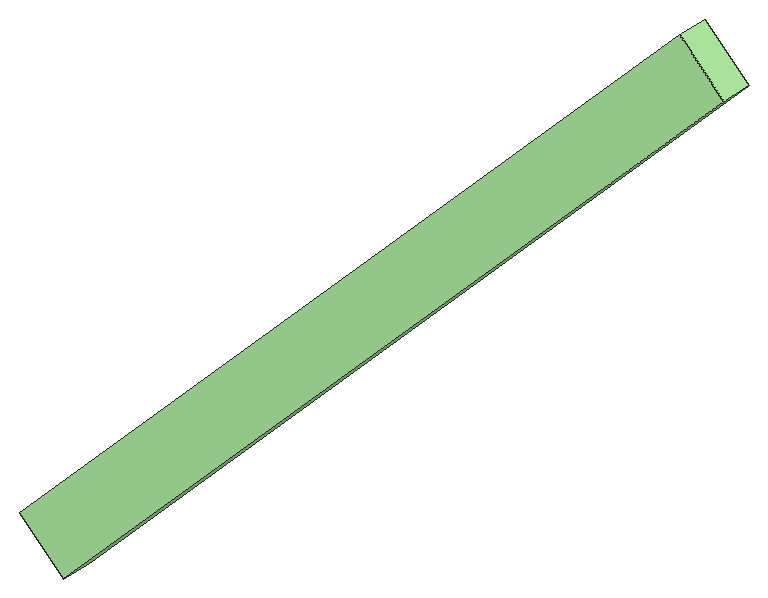
Revit family "ダクトサポート_H形鋼", category Generic Models, Revit 2023
Family settings
  Can host rebar = No
  Round Connector Dimension = Use Diameter
  Part Type = Normal
  Work Plane-Based = Yes
  Always vertical = No
  Cut with Voids When Loaded = No
  Maintain Annotation Orientation = No
  Shared = No
  Room Calculation Point = No
Parameters (values of type "Ｈ 100 x 50")
  高さ = 100 mm
  長辺 [instance] = 長さ  # 1500 mm
  長さ [instance] = 1500 mm
  部屋名 = ""
  角度 [instance] = 45.00°
  Default Elevation = 1219.2 mm
  構造マテリアル = E202_ダクトサポート
  幅 = 50 mm
Types (33, lengths in mm): name | 高さ | 長辺 | 長さ | 角度 | 幅
  Ｈ 900 x 300 | 900 | 1000 | 1000 | 45.00° | 300
  Ｈ 800 x 300 | 800 | 1000 | 1000 | 45.00° | 300
  Ｈ 700 x 300 | 700 | 1000 | 1000 | 45.00° | 300
  Ｈ 588 x 300 | 588 | 1000 | 1000 | 45.00° | 300
  Ｈ 600 x 200 | 600 | 1000 | 1000 | 45.00° | 200
  Ｈ 488 x 300 | 488 | 1000 | 1000 | 45.00° | 300
  Ｈ 500 x 200 | 500 | 1000 | 1000 | 45.00° | 200
  Ｈ 440 x 300 | 440 | 1000 | 1000 | 45.00° | 300
  Ｈ 450 x 200 | 450 | 1000 | 1000 | 90.00° | 200
  Ｈ 400 x 400 | 400 | 1000 | 1000 | 45.00° | 400
  Ｈ 390 x 300 | 390 | 1000 | 1000 | 45.00° | 300
  Ｈ 400 x 200 | 400 | 1000 | 1000 | 45.00° | 200
  Ｈ 350 x 350 | 350 | 1000 | 1000 | 45.00° | 350
  Ｈ 340 x 250 | 340 | 1000 | 1000 | 45.00° | 250
  Ｈ 294 x 200 | 294 | 1000 | 1000 | 45.00° | 200
  Ｈ 244 x 175 | 244 | 1000 | 1000 | 45.00° | 175
  Ｈ 350 x 175 | 350 | 1000 | 1000 | 45.00° | 175
  Ｈ 300 x 300 | 300 | 1000 | 1000 | 45.00° | 300
  Ｈ 300 x 150 | 300 | 1000 | 1000 | 45.00° | 150
  Ｈ 250 x 250 | 250 | 1000 | 1000 | 45.00° | 250
  Ｈ 250 x 125 | 250 | 1000 | 1000 | 45.00° | 125
  Ｈ 200 x 200 | 200 | 1000 | 1000 | 45.00° | 200
  Ｈ 194 x 150 | 194 | 1000 | 1000 | 45.00° | 150
  Ｈ 200 x 100 | 200 | 1000 | 1000 | 45.00° | 100
  Ｈ 175 x 175 | 175 | 1000 | 1000 | 45.00° | 175
  Ｈ 175 x 90 | 175 | 1000 | 1000 | 45.00° | 90
  Ｈ 150 x 150 | 150 | 500 | 500 | 45.00° | 150
  Ｈ 148 x 100 | 148 | 1000 | 1000 | 45.00° | 100
  Ｈ 150 x 75 | 150 | 1000 | 1000 | 45.00° | 75
  Ｈ 125 x 125 | 125 | 500 | 500 | 45.00° | 125
  Ｈ 125 x 60 | 125 | 1000 | 1000 | 45.00° | 60
  Ｈ 100 x100 | 100 | 500 | 500 | 45.00° | 100
  Ｈ 100 x 50 | 100 | 1500 | 1500 | 45.00° | 50
Reference planes
  plane 1 "中心(正面/背面)": y = 0
  plane 2: z = 0
  plane 3 "中心(左/右)": x = 0
Lines and regions (mm)
  reference lines
    curve 1: line (0, 0, 0) -> (777.817, 0, 777.817)
    curve 2: line (35.355, 0, -35.355) -> (-35.355, 0, 35.355)
    curve 3: line (1096.016, 0, 1025.305) -> (1025.305, 0, 1096.016)
Dimensions and locks
  equal spacing: curve 2, curve 1, curve 2
  "高さ": curve 2 to curve 2
  equal spacing: curve 3, curve 1, curve 3
  "高さ": curve 3 to curve 3
  "長さ": curve 3 to curve 2
  "角度": angle level to curve 1
  angle curve 2 to curve 1 = 90.00°
  angle curve 3 to curve 1 = 90.00°
  aligned and locked: level to plane 2
  aligned and locked: level to curve 1
  aligned and locked: plane 3 "中心(左/右)" to curve 1
  aligned and locked: nested 1 to curve 1
Nested families
  nested 1: "グレーチング_H形鋼 1" at (-35.355, 0, 35.355) x (0, 1, 0) z (0.7071, 0, -0.7071), 長さ <- "長さ", type "Ｈ 100 x 50"
    with 長辺 1500 mm, 長さ 1500 mm
Definition of nested family "グレーチング_H形鋼 1"
  Parameters (values of type "Ｈ 150 x 150")
    高さ = 150 mm
    長辺 [instance] = 長さ  # 500 mm
    長さ [instance] = 500 mm
    部屋名 = ""
    Default Elevation = 1219.2 mm
    構造マテリアル = none
    幅 = 150 mm
  Types (33, lengths in mm): name | 高さ | 長辺 | 長さ | 幅
    Ｈ 900 x 300 | 900 | 1000 | 1000 | 300
    Ｈ 800 x 300 | 800 | 1000 | 1000 | 300
    Ｈ 700 x 300 | 700 | 1000 | 1000 | 300
    Ｈ 588 x 300 | 588 | 1000 | 1000 | 300
    Ｈ 600 x 200 | 600 | 1000 | 1000 | 200
    Ｈ 488 x 300 | 488 | 1000 | 1000 | 300
    Ｈ 500 x 200 | 500 | 1000 | 1000 | 200
    Ｈ 440 x 300 | 440 | 1000 | 1000 | 300
    Ｈ 450 x 200 | 450 | 1000 | 1000 | 200
    Ｈ 400 x 400 | 400 | 1000 | 1000 | 400
    Ｈ 390 x 300 | 390 | 1000 | 1000 | 300
    Ｈ 400 x 200 | 400 | 1000 | 1000 | 200
    Ｈ 350 x 350 | 350 | 1000 | 1000 | 350
    Ｈ 340 x 250 | 340 | 1000 | 1000 | 250
    Ｈ 294 x 200 | 294 | 1000 | 1000 | 200
    Ｈ 244 x 175 | 244 | 1000 | 1000 | 175
    Ｈ 350 x 175 | 350 | 1000 | 1000 | 175
    Ｈ 300 x 300 | 300 | 1000 | 1000 | 300
    Ｈ 300 x 150 | 300 | 500 | 500 | 150
    Ｈ 250 x 250 | 250 | 500 | 500 | 250
    Ｈ 250 x 125 | 250 | 500 | 500 | 125
    Ｈ 200 x 200 | 200 | 500 | 500 | 200
    Ｈ 194 x 150 | 194 | 500 | 500 | 150
    Ｈ 200 x 100 | 200 | 500 | 500 | 100
    Ｈ 175 x 175 | 175 | 500 | 500 | 175
    Ｈ 175 x 90 | 175 | 500 | 500 | 90
    Ｈ 150 x 150 | 150 | 500 | 500 | 150
    Ｈ 148 x 100 | 148 | 500 | 500 | 100
    Ｈ 150 x 75 | 150 | 500 | 500 | 75
    Ｈ 125 x 125 | 125 | 500 | 500 | 125
    Ｈ 125 x 60 | 125 | 500 | 500 | 60
    Ｈ 100 x100 | 100 | 500 | 500 | 100
    Ｈ 100 x 50 | 100 | 500 | 500 | 50
  Reference planes
    plane 1 "中心(正面/背面)": y = 0
    plane 2: z = 0
    plane 3 "中心(左/右)": x = 0
    plane 4: z = 75
    plane 5: z = 150
  Forms (mm)
    Extrusion 1, solid, material <- "構造マテリアル"
      sketch origin (0, 0, 0) x (1, 0, 0) y (0, 1, 0)
        loop
          line (-75, 500) -> (-75, 0) -> (75, 0) -> (75, 500) -> (-75, 500)
      from 0 to 150
  Lines and regions (mm)
    reference lines
      curve 1: line (75, 500, 0) -> (-75, 500, 0)
      curve 2: line (75, 0, 0) -> (-75, 0, 0)
  Dimensions and locks
    "長さ": curve 1 to curve 2
    "幅": Extrusion 1 to Extrusion 1
    equal spacing: Extrusion 1, plane 3 "中心(左/右)", Extrusion 1
    "幅": curve 1 to curve 1
    equal spacing: curve 1, plane 3 "中心(左/右)", curve 1
    "幅": curve 2 to curve 2
    equal spacing: curve 2, plane 3 "中心(左/右)", curve 2
    equal spacing: plane 5, plane 4, level
    "高さ": plane 5 to level
    aligned and locked: level to plane 2
    aligned and locked: Extrusion 1 to curve 2
    aligned and locked: curve 1 to Extrusion 1
    aligned and locked: plane 5 to Extrusion 1
  Automatic sketch dimensions
    Extrusion 1 sketch curve to plane 3 "中心(左/右)" = 75 mm
    plane 3 "中心(左/右)" to Extrusion 1 sketch curve = 75 mm
    plane 1 "中心(正面/背面)" to Extrusion 1 sketch curve = 0 mm
    Extrusion 1 sketch curve to plane 1 "中心(正面/背面)" = 500 mm
    plane 1 "中心(正面/背面)" to curve 2 = 0 mm
